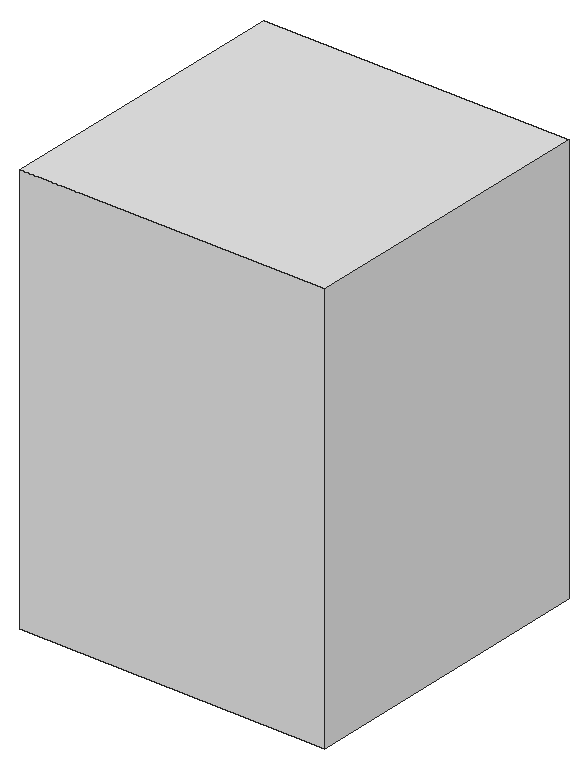
Revit family "CUBUS-S100x100", category Осветительные приборы, Revit 2017
Family settings
  Размер круглого соединителя = Использовать диаметр
  Тип детали = Нормальный
  На основе рабочей плоскости = Нет
  Всегда вертикально = Да
  При загрузке вырезать с полостями = Нет
  Источник света = Да
  Общий = Нет
  Точка расчета площади = Нет
Parameters (values of type "020386 Светильник SP-CUBUS-S100x100WH-11W Warm White 40deg")
  built-in parameter 1150104 = 13.8 (stored number, unit not read)
  built-in parameter 1150134 = (empty or 0)
  Файл фотометрической сетки = "020386 SP-CUBUS-S100x100WH-11W Warm White 40deg.ies"
  Tilt Angle = 90.00°
  built-in parameter 1150137 = (empty or 0)
  built-in parameter 1150132 = 2
  built-in parameter 1150114 = 1 (stored number, unit not read)
  Dimming Lamp Color Temperature Shift = (empty or 0)
  built-in parameter 1150105 = 66.049 (stored number, unit not read)
  Color Filter = 16777215
  Lumens = 830 lm
  Разработчик (телефон) = "+7 (495) 781-05-35"  # constant formula
  Разработчик (e-mail) = "info@constructor.ru"  # constant formula
  Разработчик (URL) = "https://constructor.ru/"  # constant formula
  Разработчик = "НТЦ Конструктор"  # constant formula
  built-in parameter 1150109 = 1 (stored number, unit not read)
  built-in parameter 1150112 = 1 (stored number, unit not read)
  built-in parameter 1150110 = 1 (stored number, unit not read)
  built-in parameter 1150113 = 1 (stored number, unit not read)
  built-in parameter 1150115 = 1 (stored number, unit not read)
  built-in parameter 1114218 = 1 (stored number, unit not read)
  built-in parameter 1114217 = 1 (stored number, unit not read)
  Apparent Load = ADSK_Номинальная мощность / ADSK_Коэффициент мощности  # 23.4043 VA
  built-in parameter 1150106 = 0.66049 (stored number, unit not read)
  Описание = "Накладной светильник 11 Вт, белый квадратный корпус. ЦветТЕПЛЫЙ БЕЛЫЙ 3000K, св.поток 830лм, CRI(Ra)>80, угол 40°, регулируемое направление луча 30°. Размер 100x100x135 мм. Питание AC 220-240V, 11 Вт, драйвер встроенный (DC500mA 14-24V)."
  built-in parameter 1150133 = 10 (stored number, unit not read)
  Wattage = 5.58765 W
  built-in parameter 1150139 = (empty or 0)
  Контакты ООО "Арлайт РУС" для получения счёта = "roman@transistor.ru, T +7 495 926 56 50 (доб.1115), моб. +7 (925) 871-32-07"  # constant formula
  Комментарии к типоразмеру = "Арт. 020386"
  built-in parameter 1150138 = (empty or 0)
  built-in parameter 1150107 = 3000 (stored number, unit not read)
  built-in parameter 1150102 = (empty or 0)
  Emit from Circle Diameter = 45 mm
  Изготовитель (телефон) = "8 800 505 26 29"  # constant formula
  Изготовитель (сайт) = "www.arlight.ru"  # constant formula
  Изготовитель = "ARLIGHT"  # constant formula
  Группа модели = "Светильники"
  Видимая форма излучения при визуализации = no
  URL = "https://arlight.ru/catalog/product/svetilnik-sp-cubus-s100x100wh-11w-warm-white-40deg-020386/"
  ARL_Цвет свечения = "Теплый 3000K"
  ARL_Цвет покрытия = "Белый"
  ARL_Угол обзора = "40°"
  ARL_Тип товара = "Светильник"
  ARL_Способ монтажа = "Накладной"
  ARL_Серия = "CUBUS"
  ARL_Рабочая температура окружающей среды = "-20...+45 °C"
  ARL_Обозначение корпуса = "Корпус квадратный, металл, цвет белый"
  ARL_Область использования = "Для освещения и декоративного оформления жилых, офисных и других помещений."
  ARL_Материал корпуса = Металл, белый
  ARL_Класс пылевлагозащиты = "IP20"
  ARL_Класс защиты от поражения электрическим током = "II"
  ARL_Индекс цветопередачи = ">80"
  ARL_Драйвер = "Встроенный (DC500mA 14-24V)"
  ADSK_Ток = ADSK_Номинальная мощность / (ADSK_Коэффициент мощности * ADSK_Напряжение * sqrt(ADSK_Количество фаз числовое))  # 0.101758 A
  ADSK_Размер_Ширина = 100 mm
  ADSK_Размер_Длина = 100 mm
  ADSK_Размер_Высота = 135 mm
  ADSK_Примечание = ""
  ADSK_Полная мощность = ADSK_Номинальная мощность / ADSK_Коэффициент мощности  # 23.4043 VA
  ADSK_Позиция = ""
  ADSK_Номинальная мощность = 11 W
  ADSK_Напряжение = 230 V
  ADSK_Наименование = "Светильник"
  ADSK_Масса_Текст = "1.156"
  ADSK_Марка = "SP-CUBUS-S100x100WH-11W Warm White 40deg"
  ADSK_Коэффициент мощности = 0.47
  ADSK_Количество фаз числовое = 1
  ADSK_Количество фаз = 1
  ADSK_Код изделия = Комментарии к типоразмеру  # "Арт. 020386"
  ADSK_Классификация нагрузок = Освещение
  ADSK_Завод-изготовитель = Изготовитель  # "ARLIGHT"
  ADSK_Единица измерения = "шт."
Types (6, lengths in mm): name | built-in parameter 1150134 | Файл фотометрической сетки | built-in parameter 1150105 | Lumens | built-in parameter 1150106 | Описание | Wattage | Комментарии к типоразмеру | built-in parameter 1150107 | URL | ARL_Цвет свечения | ARL_Цвет покрытия | ARL_Обозначение корпуса | ARL_Материал корпуса | ADSK_Марка | ADSK_Код изделия
  023079 Светильник SP-CUBUS-S100x100WH-11W White 40deg | 2 | "023079 SP-CUBUS-S100x100WH-11W White 40deg.ies" | 72.415 (stored number, unit not read) | 910 lm | 0.72415 (stored number, unit not read) | "Накладной светильник 11 Вт, белый квадратный корпус. Цвет БЕЛЫЙ 5000K, св.поток 910лм, CRI(Ra)>80, угол 40°, регулируемое направление луча 30°. Размер 100x100x135 мм. Питание AC 220-240V, 11 Вт, драйвер встроенный (DC500mA 14-24V)." | 6.12621 W | "Арт. 023079" | 5000 (stored number, unit not read) | "https://arlight.ru/catalog/product/svetilnik-sp-cubus-s100x100wh-11w-white-40deg-023079/" | "Дневной 5000K" | "Белый" | "Корпус квадратный, металл, цвет белый" | Металл, белый | "SP-CUBUS-S100x100WH-11W White 40deg" | "Арт. 023079"
  023078 Светильник SP-CUBUS-S100x100WH-11W Day White 40deg | 12 | "023078 SP-CUBUS-S100x100WH-11W Day White 40deg.ies" | 67.641 (stored number, unit not read) | 850 lm | 0.67641 (stored number, unit not read) | "Накладной светильник 11 Вт, белый квадратный корпус. Цвет ДНЕВНОЙ БЕЛЫЙ 4000K, св.поток 850лм, CRI(Ra)>80, угол 40°, регулируемое направление луча 30°. Размер 100x100x135 мм. Питание AC 220-240V, 11 Вт, драйвер встроенный (DC500mA 14-24V)." | 5.72229 W | "Арт. 023078" | 4000 (stored number, unit not read) | "https://arlight.ru/catalog/product/svetilnik-sp-cubus-s100x100wh-11w-day-white-40deg-023078/" | "Дневной 4000K" | "Белый" | "Корпус квадратный, металл, цвет белый" | Металл, белый | "SP-CUBUS-S100x100WH-11W Day White 40deg" | "Арт. 023078"
  020386 Светильник SP-CUBUS-S100x100WH-11W Warm White 40deg | (empty or 0) | "020386 SP-CUBUS-S100x100WH-11W Warm White 40deg.ies" | 66.049 (stored number, unit not read) | 830 lm | 0.66049 (stored number, unit not read) | "Накладной светильник 11 Вт, белый квадратный корпус. ЦветТЕПЛЫЙ БЕЛЫЙ 3000K, св.поток 830лм, CRI(Ra)>80, угол 40°, регулируемое направление луча 30°. Размер 100x100x135 мм. Питание AC 220-240V, 11 Вт, драйвер встроенный (DC500mA 14-24V)." | 5.58765 W | "Арт. 020386" | 3000 (stored number, unit not read) | "https://arlight.ru/catalog/product/svetilnik-sp-cubus-s100x100wh-11w-warm-white-40deg-020386/" | "Теплый 3000K" | "Белый" | "Корпус квадратный, металл, цвет белый" | Металл, белый | "SP-CUBUS-S100x100WH-11W Warm White 40deg" | "Арт. 020386"
  023081 Светильник SP-CUBUS-S100x100BK-11W Day White 40deg | 12 | "023081 SP-CUBUS-S100x100BK-11W Day White 40deg.ies" | 67.641 (stored number, unit not read) | 850 lm | 0.67641 (stored number, unit not read) | "Накладной светильник 11 Вт, черный квадратный корпус. Цвет ДНЕВНОЙ БЕЛЫЙ 4000K, св.поток 850лм, CRI(Ra)>80, угол 40°, регулируемое направление луча 30°. Размер 100x100x135 мм. Питание AC 220-240V, 11 Вт, драйвер встроенный (DC500mA 14-24V)." | 5.72229 W | "Арт. 023081" | 4000 (stored number, unit not read) | "https://arlight.ru/catalog/product/svetilnik-sp-cubus-s100x100bk-11w-day-white-40deg-023081/" | "Дневной 4000K" | "Черный" | "Корпус квадратный, металл, цвет черный" | Металл, чёрный | "SP-CUBUS-S100x100BK-11W Day White 40deg" | "Арт. 023081"
  023082 Светильник SP-CUBUS-S100x100BK-11W Warm White 40deg | (empty or 0) | "023082 SP-CUBUS-S100x100BK-11W Warm White 40deg.ies" | 66.049 (stored number, unit not read) | 830 lm | 0.66049 (stored number, unit not read) | "Накладной светильник 11 Вт, черный квадратный корпус. Цвет ТЕПЛЫЙ БЕЛЫЙ 3000K, св.поток 830 лм, CRI(Ra)>80, угол 40°, регулируемое направление луча 30°. Размер 100x100x135 мм. Питание AC 220-240V, 11 Вт, драйвер встроенный (DC500mA 14-24V)." | 5.58765 W | "Арт. 023082" | 3000 (stored number, unit not read) | "https://arlight.ru/catalog/product/svetilnik-sp-cubus-s100x100bk-11w-warm-white-40deg-023082/" | "Теплый 3000K" | "Черный" | "Корпус квадратный, металл, цвет черный" | Металл, чёрный | "SP-CUBUS-S100x100BK-11W Warm White 40deg" | "Арт. 023082"
  023080 Светильник SP-CUBUS-S100x100BK-11W White 40deg | 2 | "023080 SP-CUBUS-S100x100BK-11W White 40deg.ies" | 72.415 (stored number, unit not read) | 910 lm | 0.72415 (stored number, unit not read) | "Накладной светильник 11 Вт, черный квадратный корпус. Цвет БЕЛЫЙ 5000K, св.поток 910лм, CRI(Ra)>80, угол 40°, регулируемое направление луча 30°. Размер 100x100x135 мм. Питание AC 220-240V, 11 Вт, драйвер встроенный (DC500mA 14-24V)." | 6.12621 W | "Арт. 023080" | 5000 (stored number, unit not read) | "https://arlight.ru/catalog/product/svetilnik-sp-cubus-s100x100bk-11w-white-40deg-023080/" | "Дневной 5000K" | "Черный" | "Корпус квадратный, металл, цвет черный" | Металл, чёрный | "SP-CUBUS-S100x100BK-11W White 40deg" | "Арт. 023080"
Reference planes
  plane 1 "По центру (Вперед/Назад)": y = 0
  plane 2: z = 0
  plane 3 "По центру (Влево/Вправо)": x = 0
  plane 4: x = -50
  plane 5: x = 50
  plane 6: y = 50
  plane 7: y = -50
  plane 8: z = -135
Forms (mm)
  Extrusion 1, solid, material "Металл, белый" <- "ARL_Материал корпуса", detail levels medium+fine
    sketch origin (0, 0, 0) x (1, 0, 0) y (0, 1, 0)
      loop
        line (-50, 50) -> (-50, -50) -> (50, -50) -> (50, 50) -> (-50, 50)
    from 0 to -135
  Extrusion 2, void, detail levels fine
    sketch origin (0, 0, 0) x (1, 0, 0) y (0, 1, 0)
      loop
        circle (0, 0) r 40
    from -128.556 to -99.478
  Extrusion 3, void, detail levels fine
    sketch origin (0, 0, 0) x (1, 0, 0) y (0, 1, 0)
      loop
        line (-46, 46) -> (-46, -46) -> (46, -46) -> (46, 46) -> (-46, 46)
    from -135 to -128.556
  Revolve 4, solid, material "Стекло, белое, высокой яркости", detail levels fine
    sketch origin (0, 0, 0) x (1, 0, 0) y (0, 0, 1)
      loop
        arc (0, -104.764) -> (-7.809, -106.623) -> (-14.277, -111.376) r 20.2
        line (-14.277, -111.376) -> (0, -111.376) -> (0, -104.65)
      axis (0, -111.376) -> (0, -104.65)
    angle from 0 to 360
  Revolve 5, solid, material "Металл, белый" <- "ARL_Материал корпуса", detail levels fine
    sketch origin (0, 0, 0) x (1, 0, 0) y (0, 0, 1)
      loop
        arc (-14.277, -111.376) -> (-7.822, -106.591) -> (0, -104.754) r 19.864
        line (0, -104.754) -> (0, -103.61)
        arc (0, -103.61) -> (-8.212, -105.113) -> (-15.06, -109.888) r 19.656
        arc (-15.06, -109.888) -> (-23.836, -116.435) -> (-29.526, -125.789) r 28.733
        arc (-29.526, -125.789) -> (-29.195, -127.335) -> (-28.189, -128.556) r 3.341
        arc (-28.189, -128.556) -> (-23.002, -118.534) -> (-14.277, -111.376) r 27.986
      axis (0, -128.556) -> (0, -103.61)
    angle from 0 to 360
  Extrusion 6, solid, material "Металл, белый" <- "ARL_Материал корпуса", detail levels fine
    sketch origin (0, 0, 0) x (1, 0, 0) y (0, 1, 0)
      loop
        circle (0, 0) r 38.699
      loop
        circle (0, 0) r 36.263
    from -128.556 to -99.478
  Extrusion 7, solid, material "Металл, белый" <- "ARL_Материал корпуса", detail levels coarse
    sketch origin (0, 0, 0) x (1, 0, 0) y (0, 1, 0)
      loop
        line (-50, 50) -> (-50, -50) -> (50, -50) -> (50, 50) -> (-50, 50)
    from 0 to -135
Cuts and joins
  Extrusion 2, Extrusion 3 cuts Extrusion 1
Dimensions and locks
  equal spacing: plane 6, plane 1 "По центру (Вперед/Назад)", plane 7
  "ADSK_Размер_Ширина": plane 6 to plane 7
  equal spacing: plane 4, plane 3 "По центру (Влево/Вправо)", plane 5
  "ADSK_Размер_Длина": plane 4 to plane 5
  "ADSK_Размер_Высота": plane 2 to plane 8
  aligned and locked: level to plane 2
  aligned and locked: Extrusion 1 to plane 8
Automatic sketch dimensions
  Extrusion 1 sketch curve to plane 4 = 0 mm
  Extrusion 1 sketch curve to plane 5 = 0 mm
  Extrusion 1 sketch curve to plane 7 = 0 mm
  Extrusion 1 sketch curve to plane 6 = 0 mm
  plane 1 "По центру (Вперед/Назад)" to Extrusion 2 sketch curve = 0 mm
  Extrusion 2 sketch curve to plane 3 "По центру (Влево/Вправо)" = 0 mm
  plane 4 to Extrusion 3 sketch curve = 4 mm
  Extrusion 3 sketch curve to plane 5 = 4 mm
  plane 7 to Extrusion 3 sketch curve = 4 mm
  Extrusion 3 sketch curve to plane 6 = 4 mm
  Revolve 4 sketch curve to plane 3 "По центру (Влево/Вправо)" = 0 mm
  plane 3 "По центру (Влево/Вправо)" to Revolve 4 sketch curve = 0 mm
  Revolve 4 sketch curve to Revolve 4 sketch curve = 14.277 mm
  plane 3 "По центру (Влево/Вправо)" to Revolve 4 sketch curve = 0.68 mm
  plane 8 to Revolve 4 sketch curve = 10.048 mm
  Revolve 4 sketch curve to Revolve 4 sketch curve = 13.576 mm
  Revolve 4 sketch curve to plane 8 = 304.8 mm
  Revolve 4 sketch curve to Revolve 4 sketch curve = 0.114 mm
  level to Revolve 4 sketch curve = 169.8 mm
  Revolve 5 sketch curve to plane 3 "По центру (Влево/Вправо)" = 0 mm
  plane 3 "По центру (Влево/Вправо)" to Revolve 5 sketch curve = 0 mm
  Revolve 5 sketch curve to plane 3 "По центру (Влево/Вправо)" = 0.649 mm
  Revolve 5 sketch curve to plane 3 "По центру (Влево/Вправо)" = 1.253 mm
  Revolve 5 sketch curve to plane 8 = 0.771 mm
  Revolve 5 sketch curve to Revolve 5 sketch curve = 1.33 mm
  plane 4 to Revolve 5 sketch curve = 23.814 mm
  plane 3 "По центру (Влево/Вправо)" to Revolve 5 sketch curve = 0.535 mm
  Revolve 5 sketch curve to plane 8 = 1.146 mm
  plane 8 to Revolve 5 sketch curve = 9.118 mm
  plane 8 to Revolve 5 sketch curve = 10.389 mm
  Revolve 5 sketch curve to Revolve 5 sketch curve = 1.355 mm
  Revolve 5 sketch curve to Revolve 5 sketch curve = 18.501 mm
  Revolve 5 sketch curve to Revolve 5 sketch curve = 1.144 mm
  Revolve 5 sketch curve to plane 3 "По центру (Влево/Вправо)" = 14.277 mm
  Revolve 5 sketch curve to Revolve 5 sketch curve = 0.782 mm
  Revolve 5 sketch curve to Revolve 5 sketch curve = 2.003 mm
  Revolve 5 sketch curve to Revolve 5 sketch curve = 303.654 mm
  level to Revolve 5 sketch curve = 169.8 mm
  Extrusion 6 sketch curve to Extrusion 6 sketch curve = 0 mm  (x2)
  plane 1 "По центру (Вперед/Назад)" to Extrusion 6 sketch curve = 0 mm
  Extrusion 6 sketch curve to plane 3 "По центру (Влево/Вправо)" = 0 mm
  Extrusion 7 sketch curve to plane 4 = 0 mm
  Extrusion 7 sketch curve to plane 5 = 0 mm
  Extrusion 7 sketch curve to plane 1 "По центру (Вперед/Назад)" = 50 mm
  Extrusion 7 sketch curve to plane 7 = 0 mm
  radius of Extrusion 2 sketch curve = 40 mm
  radius of Extrusion 6 sketch curve = 38.699 mm
  radius of Extrusion 6 sketch curve = 36.263 mm
Nested families
  nested 1: "УГО" at (0, 0, 0), type "УГО", detail levels coarse
Connectors
  electrical at (0, 0, 0), driven by "ADSK_Количество фаз", driven by "ADSK_Напряжение", driven by "ADSK_Полная мощность", driven by "ADSK_Коэффициент мощности", driven by "ADSK_Классификация нагрузок"
    settings: on cut or joined group of Extrusion 1, Extrusion 2, Extrusion 3, index 1, voltage 230 V, apparent load 23.4043 VA, apparent load phase1 0 VA, apparent load phase2 0 VA, apparent load phase3 0 VA, power factor 0.47, load classification "Освещение", number of poles 1, system type 30, power factor state 1, is connector primary yes, connector utility no, sub classification motor no, connector description ""
Definition of nested family "УГО"
  Reference planes
    plane 1: y = 0
    plane 2: x = 0
  Lines and regions (mm)
    detail lines
      curve 1: circle (0, 0, 0) r 2.462 normal (0, 0, 1)
      curve 2: line (1, 2.25, 0) -> (1, -2.25, 0)
      curve 3: line (-1, 2.25, 0) -> (-1, -2.25, 0)
